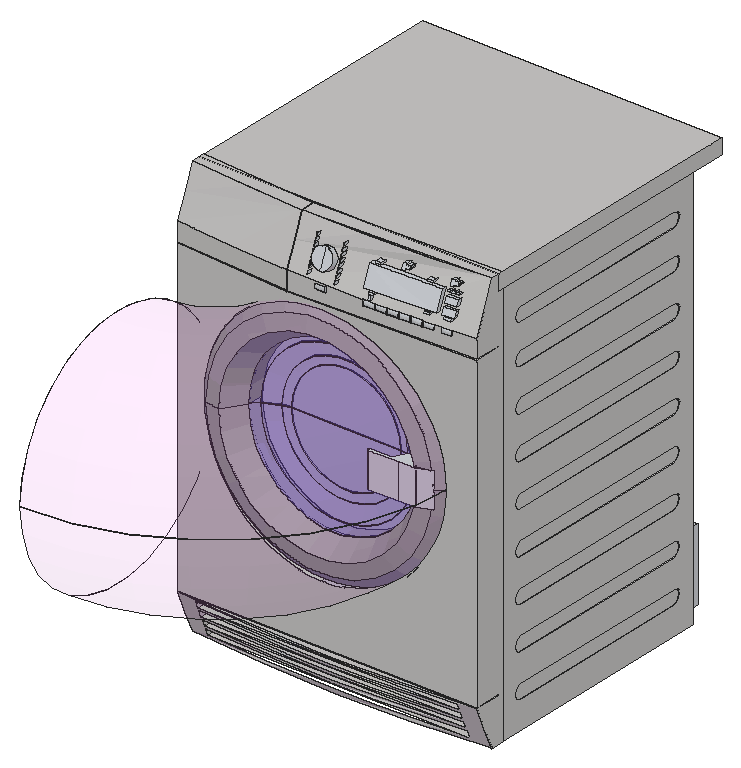
Revit family "TE1120", category Specialty Equipment, Revit 2014
Parameters
  Width = 596.5 mm
  Height = 850 mm
  Depth = 625 mm
Reference planes
  plane 1 "Center (Front/Back)": y = 0
  plane 2: z = 0
  plane 3 "Center (Left/Right)": x = 0
  plane 4 "LEFT": x = -298.25
  plane 5 "RIGHT": x = 298.25
  plane 6 "BACK": y = 312.5
  plane 7 "FRONT": y = -312.5
  plane 8 "voidPanel": through (0, -279.09, 846.678) normal (0, -0.9308, 0.3656)
Forms (mm)
  Extrusion 1, void
    sketch origin (0, 0, 0) x (1, 0, 0) y (0, 1, 0)
      loop
        line (298.25, -312.5) -> (348.25, -312.5) -> (348.25, -207.1) -> (298.25, -207.1) -> (298.25, -312.5)
    from 0 to 850
  Extrusion 2, void
    sketch origin (0, 0, 0) x (1, 0, 0) y (0, 1, 0)
      loop
        line (-298.25, -312.5) -> (-298.25, -207.1) -> (-348.25, -207.1) -> (-348.25, -312.5) -> (-298.25, -312.5)
    from 0 to 850
  Revolve 3, solid, material "QF_Finishes_Stainless Steel"
    sketch origin (0, 0, 0) x (0, 1, 0) y (0, 0, 1)
      loop
        line (-274.523, 850) -> (-312.5, 758.7) -> (-312.5, 96.5) -> (-275.82, 10.099) -> (-247.797, 10.099) -> (-247.797, 850) -> (-274.523, 850)
      axis (2690.37, 850) -> (2690.37, 10.099)
    angle from -6 to 6
  Extrusion 4, solid, material "QF_Finishes_Stainless Steel"
    sketch origin (0, 0, 0) x (1, 0, 0) y (0, 1, 0)
      loop
        line (-298.25, 242.203) -> (-298.25, -242.62) -> (298.25, -242.62) -> (298.25, 242.203) -> (-298.25, 242.203)
    from 10 to 820
  Extrusion 5, solid, material "QF_Finishes_Stainless Steel"
    sketch origin (0, 0, 820) x (-1, 0, 0) y (0, -1, 0)
      loop
        line (298.25, -312.5) -> (298.25, 242.62)
        arc (298.25, 242.62) -> (0, 256.083) -> (-298.25, 242.62) r 3310.343
        line (-298.25, 242.62) -> (-298.25, -312.5) -> (298.25, -312.5)
    from 0 to 30
  Extrusion 6, void
    sketch origin (0, -312.5, 0) x (0, 0, 1) y (-1, 0, 0)
      loop
        circle (470, 0) r 242.757
    from 0 to -500.517
  Revolve 7, solid, material "QF_Finishes_Gray"
    sketch origin (0, 0, 470) x (-1, 0, 0) y (0, -1, 0)
      loop
        line (245.674, 247.797) -> (245.674, 301.649) -> (226.774, 315.823) -> (196.73, 322.467) -> (170.5, 280.146) -> (170.5, 247.797) -> (245.674, 247.797)
      axis (0, 247.797) -> (0, 322.467)
    angle from 0 to 360
  Revolve 8, solid, material "Glass"
    sketch origin (0, 0, 470) x (-1, 0, 0) y (0, -1, 0)
      loop
        line (156.034, 267.121) -> (125.785, 252.816)
        arc (125.785, 252.816) -> (117.42, 250.476) -> (108.77, 249.687) r 47.824
        line (108.77, 249.687) -> (0, 249.687) -> (0, 247.687) -> (108.77, 247.687)
        arc (108.77, 247.687) -> (117.82, 248.516) -> (126.57, 250.975) r 49.824
        line (126.57, 250.975) -> (156.889, 265.313)
        arc (156.889, 265.313) -> (164.396, 270.082) -> (170.5, 276.551) r 35.892
        line (170.5, 276.551) -> (170.5, 280.146)
        arc (170.5, 280.146) -> (164.222, 272.572) -> (156.034, 267.121) r 33.892
      axis (0, 247.687) -> (0, 280.146)
    angle from 0 to 360
  Extrusion 9, void
    sketch origin (0, 0, 470) x (-1, 0, 0) y (0, -1, 0)
      loop
        line (288.25, -232.203) -> (288.25, 237.797) -> (-288.25, 237.797) -> (-288.25, -232.203) -> (288.25, -232.203)
    from -434.1 to 332.6
  Extrusion 10, solid
    sketch origin (0, 0, 852.516) x (-1, 0, 0) y (0, -1, 0)
      loop
        line (-148.308, 321.998) -> (-106.952, 321.998)
        arc (-106.952, 321.998) -> (-103.946, 325.004) -> (-106.952, 328.01) r 3.006
        line (-106.952, 328.01) -> (-166.755, 328.01)
        arc (-166.755, 328.01) -> (-197.368, 324.932) -> (-226.757, 315.823) r 153.806
        line (-226.757, 315.823) -> (-196.713, 322.467) -> (-170.483, 280.146) -> (-148.308, 321.998)
    from -417.516 to -347.516
  Extrusion 11, void
    sketch origin (0, 0, 0) x (0, 1, 0) y (0, 0, 1)
      loop
        line (-186.583, 738.954) -> (193.417, 738.954)
        arc (193.417, 738.954) -> (208.417, 753.954) -> (193.417, 768.954) r 15
        line (193.417, 768.954) -> (-186.583, 768.954)
        arc (-186.583, 768.954) -> (-201.583, 753.954) -> (-186.583, 738.954) r 15
      loop
        line (-186.583, 659.854) -> (193.417, 659.854)
        arc (193.417, 659.854) -> (208.417, 674.854) -> (193.417, 689.854) r 15
        line (193.417, 689.854) -> (-186.583, 689.854)
        arc (-186.583, 689.854) -> (-201.583, 674.854) -> (-186.583, 659.854) r 15
      loop
        arc (193.417, 574.854) -> (208.417, 589.854) -> (193.417, 604.854) r 15
        line (193.417, 604.854) -> (-186.583, 604.854)
        arc (-186.583, 604.854) -> (-201.583, 589.854) -> (-186.583, 574.854) r 15
        line (-186.583, 574.854) -> (193.417, 574.854)
      loop
        arc (-186.583, 519.854) -> (-201.583, 504.854) -> (-186.583, 489.854) r 15
        line (-186.583, 489.854) -> (193.417, 489.854)
        arc (193.417, 489.854) -> (208.417, 504.854) -> (193.417, 519.854) r 15
        line (193.417, 519.854) -> (-186.583, 519.854)
      loop
        arc (-186.583, 434.854) -> (-201.583, 419.854) -> (-186.583, 404.854) r 15
        line (-186.583, 404.854) -> (193.417, 404.854)
        arc (193.417, 404.854) -> (208.417, 419.854) -> (193.417, 434.854) r 15
        line (193.417, 434.854) -> (-186.583, 434.854)
      loop
        line (-186.583, 319.854) -> (193.417, 319.854)
        arc (193.417, 319.854) -> (208.417, 334.854) -> (193.417, 349.854) r 15
        line (193.417, 349.854) -> (-186.583, 349.854)
        arc (-186.583, 349.854) -> (-201.583, 334.854) -> (-186.583, 319.854) r 15
      loop
        arc (-186.583, 264.854) -> (-201.583, 249.854) -> (-186.583, 234.854) r 15
        line (-186.583, 234.854) -> (193.417, 234.854)
        arc (193.417, 234.854) -> (208.417, 249.854) -> (193.417, 264.854) r 15
        line (193.417, 264.854) -> (-186.583, 264.854)
      loop
        arc (-186.583, 179.854) -> (-201.583, 164.854) -> (-186.583, 149.854) r 15
        line (-186.583, 149.854) -> (193.417, 149.854)
        arc (193.417, 149.854) -> (208.417, 164.854) -> (193.417, 179.854) r 15
        line (193.417, 179.854) -> (-186.583, 179.854)
      loop
        arc (-186.583, 94.854) -> (-201.583, 79.854) -> (-186.583, 64.854) r 15
        line (-186.583, 64.854) -> (193.417, 64.854)
        arc (193.417, 64.854) -> (208.417, 79.854) -> (193.417, 94.854) r 15
        line (193.417, 94.854) -> (-186.583, 94.854)
    from 295 to 298.25
  Extrusion 12, void
    sketch origin (-298.25, 0, 0) x (0, 0, 1) y (0, -1, 0)
      loop
        line (768.954, -193.417) -> (768.954, 186.583)
        arc (768.954, 186.583) -> (753.954, 201.583) -> (738.954, 186.583) r 15
        line (738.954, 186.583) -> (738.954, -193.417)
        arc (738.954, -193.417) -> (753.954, -208.417) -> (768.954, -193.417) r 15
      loop
        arc (659.854, -193.417) -> (674.854, -208.417) -> (689.854, -193.417) r 15
        line (689.854, -193.417) -> (689.854, 186.583)
        arc (689.854, 186.583) -> (674.854, 201.583) -> (659.854, 186.583) r 15
        line (659.854, 186.583) -> (659.854, -193.417)
      loop
        line (604.854, -193.417) -> (604.854, 186.583)
        arc (604.854, 186.583) -> (589.854, 201.583) -> (574.854, 186.583) r 15
        line (574.854, 186.583) -> (574.854, -193.417)
        arc (574.854, -193.417) -> (589.854, -208.417) -> (604.854, -193.417) r 15
      loop
        arc (489.854, -193.417) -> (504.854, -208.417) -> (519.854, -193.417) r 15
        line (519.854, -193.417) -> (519.854, 186.583)
        arc (519.854, 186.583) -> (504.854, 201.583) -> (489.854, 186.583) r 15
        line (489.854, 186.583) -> (489.854, -193.417)
      loop
        line (404.854, 186.583) -> (404.854, -193.417)
        arc (404.854, -193.417) -> (419.854, -208.417) -> (434.854, -193.417) r 15
        line (434.854, -193.417) -> (434.854, 186.583)
        arc (434.854, 186.583) -> (419.854, 201.583) -> (404.854, 186.583) r 15
      loop
        arc (319.854, -193.417) -> (334.854, -208.417) -> (349.854, -193.417) r 15
        line (349.854, -193.417) -> (349.854, 186.583)
        arc (349.854, 186.583) -> (334.854, 201.583) -> (319.854, 186.583) r 15
        line (319.854, 186.583) -> (319.854, -193.417)
      loop
        arc (264.854, 186.583) -> (249.854, 201.583) -> (234.854, 186.583) r 15
        line (234.854, 186.583) -> (234.854, -193.417)
        arc (234.854, -193.417) -> (249.854, -208.417) -> (264.854, -193.417) r 15
        line (264.854, -193.417) -> (264.854, 186.583)
      loop
        arc (149.854, -193.417) -> (164.854, -208.417) -> (179.854, -193.417) r 15
        line (179.854, -193.417) -> (179.854, 186.583)
        arc (179.854, 186.583) -> (164.854, 201.583) -> (149.854, 186.583) r 15
        line (149.854, 186.583) -> (149.854, -193.417)
      loop
        line (94.854, -193.417) -> (94.854, 186.583)
        arc (94.854, 186.583) -> (79.854, 201.583) -> (64.854, 186.583) r 15
        line (64.854, 186.583) -> (64.854, -193.417)
        arc (64.854, -193.417) -> (79.854, -208.417) -> (94.854, -193.417) r 15
    from 0 to 3.25
  Extrusion 13, solid
    sketch origin (0, 0, 0) x (1, 0, 0) y (0, 1, 0)
      loop
        circle (-263.25, 215.1) r 20
    from 2.599 to 10
  Extrusion 14, solid
    sketch origin (0, 0, 0) x (1, 0, 0) y (0, 1, 0)
      loop
        circle (-263.25, 215.1) r 11
    from 0 to 3
  Extrusion 15, solid
    sketch origin (0, 0, 0) x (1, 0, 0) y (0, 1, 0)
      loop
        circle (263.25, 215.1) r 20
    from 3 to 10
  Extrusion 16, solid
    sketch origin (0, 0, 0) x (1, 0, 0) y (0, 1, 0)
      loop
        circle (263.25, 215.1) r 11
    from 0 to 3
  Extrusion 17, solid
    sketch origin (0, 0, 0) x (1, 0, 0) y (0, 1, 0)
      loop
        circle (-263.25, -211.3) r 20
    from 3 to 10
  Extrusion 18, solid
    sketch origin (0, 0, 0) x (1, 0, 0) y (0, 1, 0)
      loop
        circle (-263.25, -211.3) r 11
    from 0 to 3
  Extrusion 19, solid
    sketch origin (0, 0, 0) x (1, 0, 0) y (0, 1, 0)
      loop
        circle (263.25, -211.3) r 20
    from 3 to 10
  Extrusion 20, solid
    sketch origin (0, 0, 0) x (1, 0, 0) y (0, 1, 0)
      loop
        circle (263.25, -211.3) r 11
    from 0 to 3
  Extrusion 21, solid
    sketch origin (66, 242.203, -35.6) x (0, 0, 1) y (1, 0, 0)
      loop
        circle (770.6, 175.06) r 5
    from 0 to 10
  Revolve 22, solid
    sketch origin (0, 0, 0) x (0, 1, 0) y (0, 0, 1)
      loop
        line (-291.663, 811.912) -> (-293.12, 812.457) -> (-291.348, 817.196) -> (-301.951, 821.16) -> (-309.078, 802.099) -> (-297.096, 797.379) -> (-291.663, 811.912)
      axis (-309.408, 802.229) -> (-297.096, 797.379)
    angle from 0 to 360
  Revolve 23, void
    sketch origin (-230.316, 19.843, 0) x (-0.085839, -0.996309, 0) y (0, 0, 1)
      loop
        arc (300.921, 759.87) -> (305.932, 740.04) -> (319.761, 724.969) r 41.748
        line (319.761, 724.969) -> (319.761, 759.87) -> (300.921, 759.87)
      axis (-2683.13, 759.87) -> (-2683.13, 724.969)
    angle from 0 to 2.65
  Extrusion 24, void
    sketch origin (0, -312.5, 0) x (0, 0, 1) y (-1, 0, 0)
      loop
        line (756.024, 11.1) -> (744.024, 11.1) -> (744.024, -11.9) -> (756.024, -11.9) -> (756.024, 11.1)
    from -2 to 2
  Extrusion 25, void
    sketch origin (0, -312.5, 0) x (0, 0, 1) y (-1, 0, 0)
      loop
        line (747.324, -82.491) -> (747.324, -105.291) -> (759.324, -105.291) -> (759.324, -82.491) -> (747.324, -82.491)
    from -4.2 to 3
  Extrusion 26, void
    sketch origin (0, -312.5, 0) x (0, 0, 1) y (-1, 0, 0)
      loop
        line (747.324, -105.691) -> (747.324, -128.291) -> (759.324, -128.291) -> (759.324, -105.691) -> (747.324, -105.691)
    from -5 to 3
  Extrusion 27, void
    sketch origin (0, -312.5, 0) x (0, 0, 1) y (-1, 0, 0)
      loop
        line (747.324, -128.691) -> (747.324, -151.291) -> (759.324, -151.291) -> (759.324, -128.691) -> (747.324, -128.691)
    from -6 to 3
  Extrusion 28, void
    sketch origin (0, -312.5, 0) x (0, 0, 1) y (-1, 0, 0)
      loop
        line (747.324, -151.691) -> (747.324, -174.291) -> (759.324, -174.291) -> (759.324, -151.691) -> (747.324, -151.691)
    from -7 to 3
  Extrusion 29, void
    sketch origin (0, -312.5, 0) x (0, 0, 1) y (-1, 0, 0)
      loop
        line (759.324, -174.691) -> (747.324, -174.691) -> (747.324, -197.291) -> (759.324, -197.291) -> (759.324, -174.691)
    from -8 to 3
  Extrusion 30, void
    sketch origin (0, -312.5, 0) x (0, 0, 1) y (-1, 0, 0)
      loop
        line (759.324, -197.691) -> (747.324, -197.691) -> (747.324, -220.291) -> (759.324, -220.291) -> (759.324, -197.691)
    from -10 to 3
  Extrusion 31, void
    sketch origin (0, -312.5, 0) x (0, 0, 1) y (-1, 0, 0)
      loop
        line (759.324, -231.191) -> (747.324, -231.191) -> (747.324, -253.791) -> (759.324, -253.791) -> (759.324, -231.191)
    from -12 to 3
  Revolve 32, solid
    sketch origin (0, 0, 3.3) x (0, 1, 0) y (0, 0, 1)
      loop
        arc (-313.722, 755.444) -> (-316.107, 750.198) -> (-315.269, 744.497) r 10.199
        line (-315.269, 744.497) -> (-311.5, 744.497) -> (-311.5, 755.444) -> (-313.722, 755.444)
      axis (2690.37, 755.444) -> (2690.37, 744.497)
    angle from -0.2 to 0.2
  Revolve 33, solid
    sketch origin (225.331, 18.987, 3.3) x (-0.083967, 0.996469, 0) y (0, 0, 1)
      loop
        line (-322.415, 744.497) -> (-318.664, 744.497) -> (-318.664, 755.444) -> (-320.867, 755.444)
        arc (-320.867, 755.444) -> (-323.262, 750.2) -> (-322.415, 744.497) r 10.15
      axis (2683.559, 755.444) -> (2683.559, 744.497)
    angle from 0.39 to 0
  Revolve 34, solid
    sketch origin (175.309, 11.964, 2.773) x (-0.065247, 0.997869, 0) y (0, 0, 1)
      loop
        arc (-316.803, 755.966) -> (-319.198, 750.722) -> (-318.35, 745.019) r 10.15
        line (-318.35, 745.019) -> (-314.581, 745.019) -> (-314.581, 755.966) -> (-316.803, 755.966)
      axis (2687.331, 755.966) -> (2687.331, 745.019)
    angle from 0 to 0.39
  Revolve 35, solid
    sketch origin (154.929, 8.943, 3.3) x (0.057625, -0.998338, 0) y (0, 0, 1)
      loop
        line (314.383, 755.444) -> (312.161, 755.444) -> (312.161, 744.497) -> (315.93, 744.497)
        arc (315.93, 744.497) -> (316.778, 750.2) -> (314.383, 755.444) r 10.15
      axis (-2688.595, 755.444) -> (-2688.595, 744.497)
    angle from 0 to -0.39
  Revolve 36, solid
    sketch origin (114.028, 4.837, 3.3) x (-0.042379, 0.999102, 0) y (0, 0, 1)
      loop
        arc (-312.044, 755.444) -> (-314.439, 750.2) -> (-313.591, 744.497) r 10.15
        line (-313.591, 744.497) -> (-309.822, 744.497) -> (-309.822, 755.444) -> (-312.044, 755.444)
      axis (2690.65, 755.444) -> (2690.65, 744.497)
    angle from 0 to 0.39
  Revolve 37, solid
    sketch origin (93.547, 3.253, 3.3) x (0.034757, -0.999396, 0) y (0, 0, 1)
      loop
        line (310.993, 755.444) -> (308.772, 755.444) -> (308.772, 744.497) -> (312.541, 744.497)
        arc (312.541, 744.497) -> (313.388, 750.2) -> (310.993, 755.444) r 10.15
      axis (-2691.442, 755.444) -> (-2691.442, 744.497)
    angle from 0 to -0.39
  Revolve 38, solid
    sketch origin (195.713, 14.299, 3.236) x (-0.072866, 0.997342, 0) y (0, 0, 1)
      loop
        line (-314.873, 744.555) -> (-314.873, 755.526) -> (-317.167, 755.526)
        arc (-317.167, 755.526) -> (-319.568, 750.27) -> (-318.708, 744.555) r 10.141
        line (-318.708, 744.555) -> (-314.873, 744.555)
      axis (2685.911, 755.526) -> (2685.911, 744.555)
    angle from 0 to 0.39
  Revolve 39, solid
    sketch origin (134.491, 6.733, 3.3) x (-0.050002, 0.998749, 0) y (0, 0, 1)
      loop
        line (-314.545, 744.497) -> (-310.794, 744.497) -> (-310.794, 755.444) -> (-312.997, 755.444)
        arc (-312.997, 755.444) -> (-315.392, 750.2) -> (-314.545, 744.497) r 10.15
      axis (2689.701, 755.444) -> (2689.701, 744.497)
    angle from 0 to 0.39
  Extrusion 40, void
    sketch origin (-298.25, 0, 0) x (0, 0, 1) y (0, -1, 0)
      loop
        line (850, 243.476) -> (850, 327.13) -> (718.7, 327.13) -> (718.7, 243.476) -> (850, 243.476)
    from 229 to 231.5
  Extrusion 41, void
    sketch origin (298.25, 0, 0) x (0, 0, 1) y (0, -1, 0)
      loop
        line (722, 242.62) -> (722, 333.453) -> (719.5, 333.453) -> (719.5, 242.62) -> (722, 242.62)
    from -600 to 3
  Extrusion 42, void
    sketch origin (298.25, 0, 0) x (0, 0, 1) y (0, -1, 0)
      loop
        line (96.5, 322.797) -> (96.5, 242.62) -> (99, 242.62) -> (99, 322.797) -> (96.5, 322.797)
    from -600 to 3
  Extrusion 43, solid
    sketch origin (0, -312.5, 0) x (0, 0, 1) y (-1, 0, 0)
      loop
        line (830.108, -26.248) -> (825.608, -26.248) -> (825.608, -27.748) -> (830.108, -27.748) -> (830.108, -26.248)
      loop
        line (821.758, -26.248) -> (817.258, -26.248) -> (817.258, -27.748) -> (821.758, -27.748) -> (821.758, -26.248)
      loop
        line (813.408, -26.248) -> (808.908, -26.248) -> (808.908, -27.748) -> (813.408, -27.748) -> (813.408, -26.248)
      loop
        line (805.058, -26.248) -> (800.558, -26.248) -> (800.558, -27.748) -> (805.058, -27.748) -> (805.058, -26.248)
      loop
        line (792.208, -26.248) -> (792.208, -27.748) -> (796.7, -27.748) -> (796.7, -26.248) -> (792.208, -26.248)
      loop
        line (783.858, -26.248) -> (783.858, -27.748) -> (788.358, -27.748) -> (788.358, -26.248) -> (783.858, -26.248)
      loop
        line (775.508, -26.248) -> (775.508, -27.748) -> (780.008, -27.748) -> (780.008, -26.248) -> (775.508, -26.248)
      loop
        line (767.158, -26.248) -> (767.158, -27.748) -> (771.658, -27.748) -> (771.658, -26.248) -> (767.158, -26.248)
      loop
        line (825.608, 27.752) -> (825.608, 26.252) -> (830.108, 26.252) -> (830.108, 27.752) -> (825.608, 27.752)
      loop
        line (817.258, 27.752) -> (817.258, 26.252) -> (821.758, 26.252) -> (821.758, 27.752) -> (817.258, 27.752)
      loop
        line (808.908, 27.752) -> (808.908, 26.252) -> (813.408, 26.252) -> (813.408, 27.752) -> (808.908, 27.752)
      loop
        line (800.558, 27.752) -> (800.558, 26.252) -> (805.058, 26.252) -> (805.058, 27.752) -> (800.558, 27.752)
      loop
        line (792.208, 27.752) -> (792.208, 26.252) -> (796.7, 26.252) -> (796.7, 27.752) -> (792.208, 27.752)
      loop
        line (783.858, 27.752) -> (783.858, 26.252) -> (788.358, 26.252) -> (788.358, 27.752) -> (783.858, 27.752)
      loop
        line (775.508, 27.752) -> (775.508, 26.252) -> (780.008, 26.252) -> (780.008, 27.752) -> (775.508, 27.752)
      loop
        line (767.158, 27.752) -> (767.158, 26.252) -> (771.658, 26.252) -> (771.658, 27.752) -> (767.158, 27.752)
      loop
        line (819.143, -91.989) -> (819.143, -101.989) -> (822.143, -101.989) -> (822.143, -91.989) -> (819.143, -91.989)
      loop
        line (772.15, -91.989) -> (772.15, -101.989) -> (775.15, -101.989) -> (775.15, -91.989) -> (772.15, -91.989)
      loop
        line (762.775, -93.928) -> (762.775, -97.928) -> (769.475, -97.928) -> (769.475, -93.928) -> (762.775, -93.928)
      loop
        line (819.143, -191.861) -> (819.143, -201.861) -> (822.143, -201.861) -> (822.143, -191.861) -> (819.143, -191.861)
      loop
        line (772.15, -198.861) -> (772.15, -208.861) -> (775.15, -208.861) -> (775.15, -198.861) -> (772.15, -198.861)
      loop
        line (814.446, -230.991) -> (814.446, -237.491) -> (816.946, -237.491) -> (816.946, -230.991) -> (814.446, -230.991)
      loop
        line (816.946, -239.241) -> (814.446, -239.241) -> (814.446, -245.741) -> (816.946, -245.741) -> (816.946, -239.241)
      loop
        line (816.946, -247.491) -> (814.446, -247.491) -> (814.446, -253.991) -> (816.946, -253.991) -> (816.946, -247.491)
      loop
        line (808.046, -230.991) -> (796.046, -230.991) -> (796.046, -253.991) -> (808.046, -253.991) -> (808.046, -230.991)
      loop
        line (791.046, -230.991) -> (779.046, -230.991) -> (779.046, -253.991) -> (791.046, -253.991) -> (791.046, -230.991)
      loop
        line (773.046, -235.991) -> (773.046, -248.991) -> (776.546, -248.991) -> (776.546, -235.991) -> (773.046, -235.991)
      loop
        line (815.845, -81.665) -> (778.345, -81.665) -> (778.345, -221.665) -> (815.845, -221.665) -> (815.845, -81.665)
      loop
        line (823.434, -141.668) -> (823.434, -148.168) -> (825.186, -148.168)
        arc (825.186, -148.168) -> (825.862, -148.43) -> (826.186, -149.079) r 1.004
        line (826.186, -149.079) -> (826.761, -155.285)
        arc (826.761, -155.285) -> (827.085, -155.934) -> (827.761, -156.196) r 1.004
        line (827.761, -156.196) -> (830.526, -156.196)
        arc (830.526, -156.196) -> (831.202, -155.934) -> (831.526, -155.285) r 1.004
        line (831.526, -155.285) -> (832.101, -149.079)
        arc (832.101, -149.079) -> (832.559, -148.326) -> (833.434, -148.224) r 1.004
        line (833.434, -148.224) -> (833.434, -141.668) -> (823.434, -141.668)
      loop
        line (823.434, -233.563) -> (823.434, -240.063) -> (825.186, -240.063)
        arc (825.186, -240.063) -> (825.862, -240.325) -> (826.186, -240.974) r 1.004
        line (826.186, -240.974) -> (826.761, -247.18)
        arc (826.761, -247.18) -> (827.085, -247.829) -> (827.761, -248.091) r 1.004
        line (827.761, -248.091) -> (830.526, -248.091)
        arc (830.526, -248.091) -> (831.202, -247.829) -> (831.526, -247.18) r 1.004
        line (831.526, -247.18) -> (832.101, -240.974)
        arc (832.101, -240.974) -> (832.559, -240.222) -> (833.434, -240.12) r 1.004
        line (833.434, -240.12) -> (833.434, -233.563) -> (823.434, -233.563)
    from -45.246 to 6
  Revolve 44, void
    sketch origin (0, 0, 0) x (0, 1, 0) y (0, 0, 1)
      loop
        line (-316.301, 758.952) -> (-278.984, 853.952) -> (-329.707, 853.952) -> (-329.707, 758.952) -> (-316.301, 758.952)
      axis (2690.37, 853.952) -> (2690.37, 758.952)
    angle from 1 to -6
  Revolve 45, void
    sketch origin (0, 0, 0) x (0, 1, 0) y (0, 0, 1)
      loop
        line (-273.427, 839.015) -> (-303.994, 761.2) -> (-262.303, 761.2) -> (-262.303, 839.015) -> (-273.427, 839.015)
      axis (2690.37, 839.015) -> (2690.37, 761.2)
    angle from 1 to -5
  Revolve 46, solid, material "QF_Door-Drawer Clearances"
    sketch origin (0, -271.25, 0) x (-1, 0, 0) y (0, 0, 1)
      loop
        circle (-1.368, 470) r 244.125
      axis (242.774, 470) -> (242.774, 469)
    angle from 0 to 90
  Extrusion 47, void
    sketch origin (0, -312.5, 0) x (0, 0, 1) y (-1, 0, 0)
      loop
        line (94, 260.75) -> (80, 260.75) -> (80, -261.25) -> (94, -261.25) -> (94, 260.75)
      loop
        line (74, 260.75) -> (60, 260.75) -> (60, -261.25) -> (74, -261.25) -> (74, 260.75)
      loop
        line (54, 260.75) -> (40, 260.75) -> (40, -261.25) -> (54, -261.25) -> (54, 260.75)
      loop
        line (34, 260.75) -> (20, 260.75) -> (20, -261.25) -> (34, -261.25) -> (34, 260.75)
    from -91.438 to 3
  Extrusion 48, solid
    sketch origin (0, 242.203, 0) x (0, 0, 1) y (1, 0, 0)
      loop
        line (278.63, -252.495) -> (389.816, -207.414) -> (460.2, -240.618)
        arc (460.2, -240.618) -> (584.111, -257.767) -> (695.694, -201.223) r 209.429
        arc (695.694, -201.223) -> (784.615, -65.119) -> (777.879, 97.319) r 266.4
        arc (777.879, 97.319) -> (678.38, 225.893) -> (522.686, 272.699) r 266.4
        arc (522.686, 272.699) -> (400.917, 244.057) -> (317.197, 151.111) r 209.429
        line (317.197, 151.111) -> (284.759, 80.371) -> (165.518, 32.025) -> (47.549, 32.025) -> (47.549, -15.806) -> (10, -15.806) -> (10, -252.495) -> (278.63, -252.495)
    from 0 to 15
  Blend 49, solid
    base sketch origin (0, 242.203, 0) x (0, 0, 1) y (1, 0, 0)
      loop
        line (289.712, 68.155) -> (174.986, 21.639) -> (10, 21.639) -> (10, -235.481) -> (278.63, -235.481) -> (384.922, -192.385) -> (501.616, -199.666)
        arc (501.616, -199.666) -> (704.606, 72.534) -> (373.752, 148.911) r 202.765
        line (373.752, 148.911) -> (289.712, 68.155)
    top sketch origin (0, 242.203, 0) x (0, 0, 1) y (1, 0, 0)
      loop
        line (425.069, 116.303) -> (307.228, 24.954) -> (208.47, -15.088) -> (10, -15.088) -> (10, -202.083) -> (165.518, -202.083) -> (278.63, -188.128) -> (371.298, -150.555) -> (518.478, -141.65)
        arc (518.478, -141.65) -> (650.033, 51.877) -> (425.069, 116.303) r 144.418
    from 15 to 55
  Extrusion 50, solid
    sketch origin (0, 242.203, 0) x (0, 0, 1) y (1, 0, 0)
      loop
        line (10, 263.25) -> (10, 21.639) -> (47.549, 21.639) -> (47.549, 129.16) -> (133.248, 129.16) -> (154.843, 248.035) -> (154.843, 263.25) -> (10, 263.25)
    from 0 to 55
  Extrusion 51, solid
    sketch origin (0, 242.203, 0) x (0, 0, 1) y (1, 0, 0)
      loop
        circle (688, -254.25) r 6.35
    from 0 to 3
  Extrusion 52, solid
    sketch origin (0, 242.203, 0) x (0, 0, 1) y (1, 0, 0)
      loop
        circle (779, -209.25) r 6.35
    from 0 to 3
  Extrusion 53, void
    sketch origin (0, 312.5, 0) x (0, 0, 1) y (-1, 0, 0)
      loop
        line (10, 15.088) -> (45, 15.088) -> (45, 55.088) -> (10, 55.088) -> (10, 15.088)
    from 15.297 to 35.3
  Extrusion 54, solid
    sketch origin (-2.359, 312.5, -1) x (0, 0, 1) y (-1, 0, 0)
      loop
        circle (28.5, 33.088) r 12.7
    from 15.3 to 35.3
Cuts and joins
  Extrusion 9, Extrusion 11, Extrusion 12, Revolve 23, Extrusion 41, Extrusion 42 cuts Extrusion 4
  Extrusion 1, Extrusion 2, Extrusion 6, Revolve 23, Extrusion 24, Extrusion 25, Extrusion 26, Extrusion 27, Extrusion 28, Extrusion 29, Extrusion 30, Extrusion 31, Extrusion 40, Extrusion 41, Extrusion 42, Revolve 45, Extrusion 47 cuts Revolve 3
  Revolve 44, Revolve 45 cuts Extrusion 43
  Extrusion 53 cuts Blend 49
Lines and regions (mm)
  model lines
    curve 1: line (253.366, -313.716, 0) -> (253.669, -317.455, 0)
  symbolic lines, style "QF_Door-Drawer Clearances"
    curve 2: line (-242.774, -758.898, 744.475) -> (-242.774, -271.25, 744.475)
    curve 3: line (-242.774, -759.517, 744.475) -> (-239.774, -759.517, 744.475)
    curve 4: arc (-242.774, -759.517, 744.475) -> (91.088, -627.537, 744.475) -> (244.463, -302.947, 744.475) r 488.267
Dimensions and locks
  equal spacing: plane 5 "RIGHT", plane 3 "Center (Left/Right)", plane 4 "LEFT"
  "Width": plane 5 "RIGHT" to plane 4 "LEFT"
  equal spacing: plane 7 "FRONT", plane 1 "Center (Front/Back)", plane 6 "BACK"
  "Depth": plane 7 "FRONT" to plane 6 "BACK"
  plane 7 "FRONT" to plane 6 "BACK" = 625 mm
  curve 3 to plane 6 "BACK" = 1072.017 mm
  cut or joined group 1 (Extrusion 1, Extrusion 2, Revolve 3, Extrusion 6, Revolve 23, Extrusion 24, Extrusion 25, Extrusion 26, Extrusion 27, Extrusion 28, Extrusion 29, Extrusion 30, Extrusion 31, Extrusion 40, Extrusion 41, Extrusion 42, Revolve 45, Extrusion 47) to cut or joined group 1 = 128 mm
  cut or joined group 1 to cut or joined group 1 = 711.901 mm
  cut or joined group 1 to level = 850 mm
  aligned and locked: level to plane 2
Automatic sketch dimensions
  Extrusion 1 sketch curve to plane 5 "RIGHT" = 0 mm
  plane 7 "FRONT" to Extrusion 1 sketch curve = 0 mm
  Extrusion 1 sketch curve to Extrusion 1 sketch curve = 50 mm
  plane 7 "FRONT" to Extrusion 2 sketch curve = 0 mm
  Extrusion 2 sketch curve to plane 4 "LEFT" = 0 mm
  Extrusion 2 sketch curve to Extrusion 2 sketch curve = 50 mm
  Extrusion 4 sketch curve to plane 4 "LEFT" = 0 mm
  Extrusion 4 sketch curve to plane 5 "RIGHT" = 0 mm
  Extrusion 6 sketch curve to plane 3 "Center (Left/Right)" = 0 mm
  Revolve 7 sketch curve to plane 3 "Center (Left/Right)" = 0 mm
  plane 7 "FRONT" to Revolve 7 sketch curve = 3.323 mm
  Revolve 7 sketch curve to Revolve 7 sketch curve = 32.349 mm
  Revolve 7 sketch curve to plane 7 "FRONT" = 10.851 mm
  plane 7 "FRONT" to Revolve 7 sketch curve = 9.967 mm
  Revolve 7 sketch curve to plane 6 "BACK" = 1134.072 mm
  plane 7 "FRONT" to Revolve 7 sketch curve = 1124.917 mm
  Revolve 8 sketch curve to Revolve 8 sketch curve = 0 mm  (x5)
  Revolve 8 sketch curve to plane 3 "Center (Left/Right)" = 0 mm  (x2)
  Revolve 8 sketch curve to Revolve 8 sketch curve = 0.785 mm
  Revolve 8 sketch curve to Revolve 8 sketch curve = 0.855 mm
  Revolve 8 sketch curve to Revolve 8 sketch curve = 14.466 mm
  Revolve 8 sketch curve to Revolve 8 sketch curve = 1.288 mm
  Revolve 8 sketch curve to Revolve 8 sketch curve = 1.808 mm
  Revolve 8 sketch curve to Revolve 8 sketch curve = 9.43 mm
  Revolve 8 sketch curve to plane 6 "BACK" = 1134.072 mm
  plane 7 "FRONT" to Revolve 8 sketch curve = 1124.917 mm
  plane 7 "FRONT" to Extrusion 10 sketch curve = 3.323 mm
  plane 7 "FRONT" to Extrusion 10 sketch curve = 9.967 mm
  plane 7 "FRONT" to Extrusion 10 sketch curve = 9.498 mm
  Extrusion 10 sketch curve to Extrusion 10 sketch curve = 18.446 mm
  Extrusion 10 sketch curve to Extrusion 10 sketch curve = 41.357 mm
  Extrusion 11 sketch curve to Extrusion 11 sketch curve = 15 mm  (x9)
  Extrusion 11 sketch curve to Extrusion 11 sketch curve = 55 mm  (x7)
  Extrusion 12 sketch curve to Extrusion 12 sketch curve = 55 mm  (x7)
  Extrusion 12 sketch curve to Extrusion 12 sketch curve = 15 mm  (x9)
  Revolve 22 sketch curve to plane 7 "FRONT" = 3.422 mm
  Revolve 22 sketch curve to plane 7 "FRONT" = 10.549 mm
  Revolve 22 sketch curve to Revolve 22 sketch curve = 11.981 mm
  Revolve 22 sketch curve to Revolve 22 sketch curve = 8.831 mm
  Revolve 22 sketch curve to Revolve 22 sketch curve = 1.772 mm
  Revolve 22 sketch curve to Revolve 22 sketch curve = 0 mm  (x4)
  Revolve 23 sketch curve to Revolve 23 sketch curve = 18.839 mm
  Revolve 23 sketch curve to Revolve 23 sketch curve = 22.908 mm
  Revolve 23 sketch curve to Revolve 23 sketch curve = 2984.051 mm
  plane 3 "Center (Left/Right)" to Extrusion 24 sketch curve = 11.9 mm
  Extrusion 24 sketch curve to plane 3 "Center (Left/Right)" = 11.1 mm
  Extrusion 25 sketch curve to Extrusion 25 sketch curve = 22.8 mm
  Extrusion 26 sketch curve to Extrusion 26 sketch curve = 22.6 mm
  Extrusion 27 sketch curve to Extrusion 27 sketch curve = 22.6 mm
  Extrusion 28 sketch curve to Extrusion 28 sketch curve = 22.6 mm
  Extrusion 30 sketch curve to Extrusion 30 sketch curve = 22.6 mm
  Revolve 32 sketch curve to plane 7 "FRONT" = 6.491 mm
  Revolve 32 sketch curve to plane 7 "FRONT" = 1 mm
  plane 7 "FRONT" to Revolve 32 sketch curve = 1.222 mm
  plane 7 "FRONT" to Revolve 32 sketch curve = 2.769 mm
  Revolve 33 sketch curve to Revolve 33 sketch curve = 1.547 mm
  Revolve 33 sketch curve to Revolve 33 sketch curve = 2.203 mm
  Revolve 33 sketch curve to Revolve 33 sketch curve = 2996.771 mm
  Revolve 34 sketch curve to Revolve 34 sketch curve = 1.547 mm
  Revolve 34 sketch curve to Revolve 34 sketch curve = 3.769 mm
  Revolve 34 sketch curve to Revolve 34 sketch curve = 2996.479 mm
  Revolve 35 sketch curve to Revolve 35 sketch curve = 5.433 mm
  Revolve 35 sketch curve to Revolve 35 sketch curve = 2.222 mm
  Revolve 35 sketch curve to Revolve 35 sketch curve = 3.769 mm
  Revolve 35 sketch curve to Revolve 35 sketch curve = 2995.322 mm
  Revolve 36 sketch curve to Revolve 36 sketch curve = 1.548 mm
  Revolve 36 sketch curve to Revolve 36 sketch curve = 3.769 mm
  Revolve 36 sketch curve to Revolve 36 sketch curve = 2995.039 mm
  Revolve 37 sketch curve to Revolve 37 sketch curve = 5.433 mm
  Revolve 37 sketch curve to Revolve 37 sketch curve = 2.222 mm
  Revolve 37 sketch curve to Revolve 37 sketch curve = 3.769 mm
  Revolve 37 sketch curve to Revolve 37 sketch curve = 2994.781 mm
  Revolve 38 sketch curve to Revolve 38 sketch curve = 1.541 mm
  Revolve 38 sketch curve to Revolve 38 sketch curve = 3.835 mm
  Revolve 38 sketch curve to Revolve 38 sketch curve = 2995.436 mm
  Revolve 39 sketch curve to Revolve 39 sketch curve = 1.547 mm
  Revolve 39 sketch curve to Revolve 39 sketch curve = 2.203 mm
  Revolve 39 sketch curve to Revolve 39 sketch curve = 2995.043 mm
  plane 7 "FRONT" to Extrusion 40 sketch curve = 14.63 mm
  Extrusion 41 sketch curve to Extrusion 41 sketch curve = 2.5 mm
  plane 7 "FRONT" to Extrusion 41 sketch curve = 20.953 mm
  Extrusion 42 sketch curve to Extrusion 42 sketch curve = 2.5 mm
  plane 7 "FRONT" to Extrusion 42 sketch curve = 10.297 mm
  Extrusion 43 sketch curve to Extrusion 43 sketch curve = 5 mm  (x3)
  Extrusion 43 sketch curve to Extrusion 43 sketch curve = 3.85 mm  (x12)
  Extrusion 43 sketch curve to Extrusion 43 sketch curve = 4.5 mm  (x14)
  Extrusion 43 sketch curve to Extrusion 43 sketch curve = 2.5 mm  (x4)
  Extrusion 43 sketch curve to Extrusion 43 sketch curve = 6.7 mm
  Extrusion 43 sketch curve to Extrusion 43 sketch curve = 3.858 mm  (x2)
  Extrusion 43 sketch curve to Extrusion 43 sketch curve = 0 mm  (x17)
  Extrusion 43 sketch curve to Extrusion 43 sketch curve = 3 mm  (x4)
  Extrusion 43 sketch curve to Extrusion 43 sketch curve = 1.752 mm  (x2)
  Extrusion 43 sketch curve to Extrusion 43 sketch curve = 1 mm  (x8)
  Extrusion 43 sketch curve to Extrusion 43 sketch curve = 0.576 mm  (x2)
  Extrusion 43 sketch curve to Extrusion 43 sketch curve = 2.765 mm  (x2)
  Extrusion 43 sketch curve to Extrusion 43 sketch curve = 5.916 mm  (x2)
  Extrusion 43 sketch curve to Extrusion 43 sketch curve = 0.333 mm  (x2)
  Extrusion 43 sketch curve to Extrusion 43 sketch curve = 0.911 mm  (x4)
  Extrusion 43 sketch curve to Extrusion 43 sketch curve = 6.5 mm  (x3)
  Extrusion 43 sketch curve to Extrusion 43 sketch curve = 1.75 mm  (x2)
  Extrusion 43 sketch curve to Extrusion 43 sketch curve = 6.113 mm  (x4)
  Extrusion 43 sketch curve to Extrusion 43 sketch curve = 0.093 mm  (x4)
  Extrusion 43 sketch curve to Extrusion 43 sketch curve = 13 mm
  Extrusion 43 sketch curve to Extrusion 43 sketch curve = 6.557 mm  (x2)
  Extrusion 43 sketch curve to Extrusion 43 sketch curve = 9.327 mm
  Extrusion 43 sketch curve to Extrusion 43 sketch curve = 12.804 mm
  Extrusion 43 sketch curve to Extrusion 43 sketch curve = 19.804 mm
  Extrusion 43 sketch curve to Extrusion 43 sketch curve = 10 mm  (x3)
  Extrusion 43 sketch curve to Extrusion 43 sketch curve = 39.679 mm  (x2)
  Extrusion 43 sketch curve to Extrusion 43 sketch curve = 4.061 mm
  Extrusion 43 sketch curve to Extrusion 43 sketch curve = 4 mm
  Extrusion 43 sketch curve to Extrusion 43 sketch curve = 1.939 mm
  Extrusion 43 sketch curve to Extrusion 43 sketch curve = 10.324 mm
  plane 3 "Center (Left/Right)" to Extrusion 43 sketch curve = 27.748 mm  (x2)
  Extrusion 43 sketch curve to Extrusion 43 sketch curve = 1.5 mm  (x16)
  Extrusion 43 sketch curve to plane 3 "Center (Left/Right)" = 26.252 mm  (x2)
  plane 7 "FRONT" to Revolve 44 sketch curve = 3.801 mm
  Revolve 44 sketch curve to Revolve 44 sketch curve = 13.406 mm
  Revolve 45 sketch curve to Revolve 45 sketch curve = 11.124 mm
  Revolve 45 sketch curve to plane 7 "FRONT" = 8.506 mm
  Revolve 45 sketch curve to level = 337.362 mm
  plane 3 "Center (Left/Right)" to Revolve 46 sketch curve = 1.368 mm
  Revolve 3 sketch curve to plane 7 "FRONT" = 0 mm
  Revolve 3 sketch curve to level = 337.362 mm
  Revolve 22 sketch curve to Revolve 22 sketch curve = 1.457 mm
  Revolve 22 sketch curve to Revolve 22 sketch curve = 4.72 mm
  Revolve 22 sketch curve to Revolve 22 sketch curve = 14.533 mm
  Revolve 22 sketch curve to Revolve 22 sketch curve = 4.739 mm
  Revolve 33 sketch curve to Revolve 33 sketch curve = 5.452 mm
  Revolve 34 sketch curve to Revolve 34 sketch curve = 5.433 mm
  Revolve 36 sketch curve to Revolve 36 sketch curve = 5.433 mm
  Revolve 38 sketch curve to Revolve 38 sketch curve = 5.348 mm
  Revolve 39 sketch curve to Revolve 39 sketch curve = 5.452 mm
  Extrusion 43 sketch curve to Extrusion 43 sketch curve = 2.675 mm
  Extrusion 43 sketch curve to Extrusion 43 sketch curve = 0.896 mm
  Extrusion 43 sketch curve to Extrusion 43 sketch curve = 3.5 mm
  Extrusion 43 sketch curve to Extrusion 43 sketch curve = 3.195 mm
  Extrusion 43 sketch curve to Extrusion 43 sketch curve = 12 mm  (x2)
  Extrusion 43 sketch curve to Extrusion 43 sketch curve = 4.492 mm  (x2)
  Extrusion 43 sketch curve to Extrusion 43 sketch curve = 6.4 mm  (x2)
  Extrusion 43 sketch curve to Extrusion 43 sketch curve = 1.399 mm
  Extrusion 43 sketch curve to Extrusion 43 sketch curve = 3.299 mm  (x2)
  Extrusion 43 sketch curve to Extrusion 43 sketch curve = 1.291 mm
  Extrusion 43 sketch curve to Extrusion 43 sketch curve = 6.488 mm
  Revolve 44 sketch curve to Revolve 44 sketch curve = 95 mm
  Revolve 45 sketch curve to Revolve 45 sketch curve = 77.816 mm
  Extrusion 5 sketch curve to plane 5 "RIGHT" = 0 mm
  Extrusion 5 sketch curve to plane 3 "Center (Left/Right)" = 0 mm
  Extrusion 5 sketch curve to plane 4 "LEFT" = 0 mm
  plane 6 "BACK" to Extrusion 5 sketch curve = 0 mm
  Extrusion 31 sketch curve to Extrusion 31 sketch curve = 22.6 mm
  plane 7 "FRONT" to curve 2 = 446.398 mm
  Extrusion 47 sketch curve to Extrusion 47 sketch curve = 14 mm  (x4)
  Extrusion 47 sketch curve to Extrusion 47 sketch curve = 6 mm  (x3)
  plane 3 "Center (Left/Right)" to Extrusion 48 sketch curve = 32.025 mm
  Extrusion 48 sketch curve to Extrusion 48 sketch curve = 117.969 mm
  plane 3 "Center (Left/Right)" to Extrusion 48 sketch curve = 80.371 mm
  Extrusion 48 sketch curve to Extrusion 48 sketch curve = 119.241 mm
  Extrusion 48 sketch curve to Extrusion 48 sketch curve = 32.438 mm
  plane 3 "Center (Left/Right)" to Extrusion 48 sketch curve = 6.343 mm
  Extrusion 48 sketch curve to Extrusion 48 sketch curve = 0.276 mm
  Extrusion 48 sketch curve to Extrusion 48 sketch curve = 21.785 mm
  Extrusion 48 sketch curve to plane 3 "Center (Left/Right)" = 51.209 mm
  Extrusion 48 sketch curve to plane 3 "Center (Left/Right)" = 15.806 mm
  Extrusion 48 sketch curve to Extrusion 48 sketch curve = 0.755 mm
  Extrusion 48 sketch curve to Extrusion 48 sketch curve = 57.474 mm
  Extrusion 48 sketch curve to Extrusion 48 sketch curve = 146.138 mm
  plane 3 "Center (Left/Right)" to Blend 49 sketch curve = 21.639 mm
  plane 3 "Center (Left/Right)" to Blend 49 sketch curve = 68.155 mm
  Blend 49 sketch curve to Blend 49 sketch curve = 114.726 mm
  plane 3 "Center (Left/Right)" to Blend 49 sketch curve = 2.706 mm  (x2)
  Blend 49 sketch curve to Blend 49 sketch curve = 155.518 mm
  Blend 49 sketch curve to plane 3 "Center (Left/Right)" = 15.088 mm
  Blend 49 sketch curve to Blend 49 sketch curve = 42.952 mm
  Blend 49 sketch curve to Blend 49 sketch curve = 113.112 mm
  plane 3 "Center (Left/Right)" to Blend 49 sketch curve = 24.954 mm
  Blend 49 sketch curve to Blend 49 sketch curve = 98.758 mm
  Extrusion 50 sketch curve to plane 5 "RIGHT" = 35 mm
  Extrusion 50 sketch curve to Extrusion 50 sketch curve = 85.699 mm
  Extrusion 50 sketch curve to Extrusion 50 sketch curve = 144.843 mm
  plane 3 "Center (Left/Right)" to Extrusion 50 sketch curve = 21.639 mm
  Revolve 7 sketch curve to Revolve 7 sketch curve = 26.23 mm
  Revolve 8 sketch curve to Revolve 8 sketch curve = 108.77 mm
  Revolve 8 sketch curve to plane 7 "FRONT" = 14.74 mm
  Revolve 8 sketch curve to Revolve 8 sketch curve = 32.775 mm
  Extrusion 10 sketch curve to Extrusion 10 sketch curve = 30.044 mm
  Extrusion 43 sketch curve to Extrusion 43 sketch curve = 2.572 mm
  Extrusion 10 sketch curve to Extrusion 10 sketch curve = 26.23 mm
  plane 3 "Center (Left/Right)" to Extrusion 25 sketch curve = 105.291 mm
  plane 3 "Center (Left/Right)" to Extrusion 26 sketch curve = 128.291 mm
  Extrusion 29 sketch curve to Extrusion 29 sketch curve = 22.6 mm
  Extrusion 43 sketch curve to Extrusion 43 sketch curve = 53.916 mm
  Extrusion 43 sketch curve to Extrusion 43 sketch curve = 35.665 mm
  Extrusion 48 sketch curve to Extrusion 48 sketch curve = 70.74 mm
  Extrusion 50 sketch curve to Extrusion 50 sketch curve = 107.522 mm
  Revolve 8 sketch curve to Revolve 8 sketch curve = 17.015 mm
  Revolve 8 sketch curve to Revolve 8 sketch curve = 5.129 mm
  plane 4 "LEFT" to Extrusion 9 sketch curve = 10 mm
  Extrusion 47 sketch curve to Extrusion 47 sketch curve = 0 mm  (x5)
  plane 4 "LEFT" to Revolve 7 sketch curve = 127.75 mm
  Revolve 7 sketch curve to Revolve 7 sketch curve = 30.044 mm
  plane 4 "LEFT" to Revolve 7 sketch curve = 52.576 mm
  plane 4 "LEFT" to Extrusion 13 sketch curve = 35 mm
  plane 4 "LEFT" to Extrusion 14 sketch curve = 35 mm
  plane 4 "LEFT" to Extrusion 17 sketch curve = 35 mm
  plane 4 "LEFT" to Extrusion 18 sketch curve = 35 mm
  plane 4 "LEFT" to curve 2 = 55.476 mm
  plane 4 "LEFT" to Extrusion 47 sketch curve = 37.5 mm
  plane 4 "LEFT" to Extrusion 48 sketch curve = 90.836 mm
  Extrusion 48 sketch curve to Extrusion 48 sketch curve = 33.204 mm
  plane 4 "LEFT" to Extrusion 48 sketch curve = 45.755 mm
  plane 4 "LEFT" to Blend 49 sketch curve = 105.865 mm
  plane 4 "LEFT" to Blend 49 sketch curve = 98.584 mm
  plane 4 "LEFT" to Blend 49 sketch curve = 62.769 mm
  Blend 49 sketch curve to plane 3 "Center (Left/Right)" = 141.65 mm
  Blend 49 sketch curve to Blend 49 sketch curve = 8.905 mm
  Blend 49 sketch curve to Blend 49 sketch curve = 37.573 mm
  plane 4 "LEFT" to Blend 49 sketch curve = 96.167 mm
  plane 4 "LEFT" to Extrusion 51 sketch curve = 44 mm
  plane 4 "LEFT" to Extrusion 52 sketch curve = 89 mm
  Extrusion 10 sketch curve to Extrusion 10 sketch curve = 3.729 mm
  Extrusion 48 sketch curve to Extrusion 48 sketch curve = 15.121 mm
  Extrusion 50 sketch curve to Extrusion 50 sketch curve = 15.215 mm
  Extrusion 9 sketch curve to plane 5 "RIGHT" = 10 mm
  Extrusion 10 sketch curve to plane 5 "RIGHT" = 71.493 mm
  Extrusion 15 sketch curve to plane 5 "RIGHT" = 35 mm
  Extrusion 16 sketch curve to plane 5 "RIGHT" = 35 mm
  Extrusion 19 sketch curve to plane 5 "RIGHT" = 35 mm
  Extrusion 20 sketch curve to plane 5 "RIGHT" = 35 mm
  Extrusion 21 sketch curve to plane 5 "RIGHT" = 57.19 mm
  Extrusion 27 sketch curve to plane 5 "RIGHT" = 146.959 mm
  Extrusion 28 sketch curve to plane 5 "RIGHT" = 123.959 mm
  Extrusion 29 sketch curve to plane 5 "RIGHT" = 100.959 mm
  Extrusion 30 sketch curve to plane 5 "RIGHT" = 77.959 mm
  Extrusion 31 sketch curve to plane 5 "RIGHT" = 44.459 mm
  Extrusion 47 sketch curve to plane 5 "RIGHT" = 37 mm  (x2)
  Revolve 3 sketch curve to Revolve 3 sketch curve = 28.023 mm
  Revolve 3 sketch curve to Revolve 3 sketch curve = 26.726 mm
  Extrusion 10 sketch curve to plane 7 "FRONT" = 32.354 mm
  Revolve 44 sketch curve to plane 7 "FRONT" = 33.516 mm
  Revolve 3 sketch curve to plane 7 "FRONT" = 36.68 mm
  Revolve 8 sketch curve to plane 7 "FRONT" = 45.379 mm
  Revolve 45 sketch curve to plane 7 "FRONT" = 39.073 mm
  curve 2 to plane 7 "FRONT" = 41.25 mm
  Extrusion 1 sketch curve to plane 7 "FRONT" = 105.4 mm
  Extrusion 2 sketch curve to plane 7 "FRONT" = 105.4 mm
  Extrusion 4 sketch curve to plane 7 "FRONT" = 69.88 mm
  Extrusion 5 sketch curve to plane 7 "FRONT" = 69.88 mm
  Revolve 7 sketch curve to plane 7 "FRONT" = 64.703 mm
  Revolve 8 sketch curve to plane 7 "FRONT" = 64.813 mm
  Extrusion 9 sketch curve to plane 7 "FRONT" = 74.703 mm
  Extrusion 10 sketch curve to Extrusion 10 sketch curve = 105.942 mm
  Extrusion 11 sketch curve to plane 7 "FRONT" = 125.917 mm  (x2)
  Extrusion 11 sketch curve to Extrusion 11 sketch curve = 0 mm  (x15)
  Extrusion 12 sketch curve to plane 7 "FRONT" = 125.917 mm
  Extrusion 12 sketch curve to Extrusion 12 sketch curve = 0 mm  (x16)
  Extrusion 17 sketch curve to plane 7 "FRONT" = 101.2 mm
  Extrusion 18 sketch curve to plane 7 "FRONT" = 101.2 mm
  Extrusion 19 sketch curve to plane 7 "FRONT" = 101.2 mm
  Extrusion 20 sketch curve to plane 7 "FRONT" = 101.2 mm
  Extrusion 40 sketch curve to plane 7 "FRONT" = 69.024 mm
  Extrusion 41 sketch curve to plane 7 "FRONT" = 69.88 mm
  Extrusion 42 sketch curve to plane 7 "FRONT" = 69.88 mm
  plane 6 "BACK" to Extrusion 4 sketch curve = 70.297 mm
  plane 6 "BACK" to Extrusion 9 sketch curve = 80.297 mm
  plane 6 "BACK" to Extrusion 11 sketch curve = 119.083 mm
  plane 6 "BACK" to Extrusion 12 sketch curve = 119.083 mm
  plane 6 "BACK" to Extrusion 13 sketch curve = 97.4 mm
  plane 6 "BACK" to Extrusion 14 sketch curve = 97.4 mm
  plane 6 "BACK" to Extrusion 15 sketch curve = 97.4 mm
  plane 6 "BACK" to Extrusion 16 sketch curve = 97.4 mm
  Extrusion 11 sketch curve to Extrusion 11 sketch curve = 49.1 mm
  Extrusion 12 sketch curve to Extrusion 12 sketch curve = 49.1 mm
  plane 4 "LEFT" to Revolve 46 sketch curve = 55.476 mm
  Revolve 46 sketch curve to level = 304.8 mm
  Extrusion 48 sketch curve to Extrusion 48 sketch curve = 268.63 mm
  Extrusion 48 sketch curve to Extrusion 48 sketch curve = 111.187 mm
  Extrusion 48 sketch curve to Extrusion 48 sketch curve = 70.384 mm
  Extrusion 48 sketch curve to Extrusion 48 sketch curve = 190.368 mm
  Extrusion 48 sketch curve to Extrusion 48 sketch curve = 19.929 mm
  Blend 49 sketch curve to Blend 49 sketch curve = 84.04 mm
  Blend 49 sketch curve to Blend 49 sketch curve = 106.292 mm
  Blend 49 sketch curve to Blend 49 sketch curve = 116.695 mm
  Blend 49 sketch curve to Blend 49 sketch curve = 12.628 mm
  Blend 49 sketch curve to Blend 49 sketch curve = 92.669 mm
  Blend 49 sketch curve to Blend 49 sketch curve = 117.841 mm
  Blend 49 sketch curve to Blend 49 sketch curve = 89.175 mm
  Blend 49 sketch curve to Blend 49 sketch curve = 4.234 mm
  level to Revolve 3 sketch curve = 10.099 mm
  Revolve 3 sketch curve to Revolve 3 sketch curve = 86.401 mm
  level to Revolve 23 sketch curve = 21.881 mm
  level to Revolve 32 sketch curve = 25.181 mm
  level to Revolve 33 sketch curve = 25.202 mm
  level to Revolve 34 sketch curve = 24.675 mm
  level to Revolve 35 sketch curve = 25.202 mm
  level to Revolve 36 sketch curve = 25.202 mm
  level to Revolve 37 sketch curve = 25.202 mm
  level to Revolve 38 sketch curve = 25.138 mm
  level to Revolve 39 sketch curve = 25.202 mm
  level to Extrusion 42 sketch curve = 96.5 mm
  level to Revolve 44 sketch curve = 21.902 mm
  level to Extrusion 47 sketch curve = 20 mm
  level to Extrusion 48 sketch curve = 10 mm
  level to Extrusion 48 sketch curve = 47.549 mm
  level to Blend 49 sketch curve = 10 mm  (x2)
  Blend 49 sketch curve to Blend 49 sketch curve = 164.986 mm
  Blend 49 sketch curve to Blend 49 sketch curve = 268.63 mm
  level to Extrusion 50 sketch curve = 10 mm
  Extrusion 50 sketch curve to Extrusion 50 sketch curve = 37.549 mm
  Revolve 3 sketch curve to Revolve 3 sketch curve = 662.2 mm
  Revolve 3 sketch curve to Revolve 3 sketch curve = 91.3 mm
  level to Revolve 3 sketch curve = 1246.462 mm
  level to Extrusion 6 sketch curve = 470 mm
  level to Extrusion 11 sketch curve = 64.854 mm
  level to Extrusion 12 sketch curve = 64.854 mm
  level to Extrusion 21 sketch curve = 735 mm
  level to Revolve 22 sketch curve = 797.379 mm
  level to Revolve 23 sketch curve = 759.87 mm
  Revolve 23 sketch curve to Revolve 23 sketch curve = 34.901 mm
  Revolve 23 sketch curve to Revolve 23 sketch curve = 824.798 mm
  level to Extrusion 24 sketch curve = 744.024 mm
  Extrusion 24 sketch curve to Extrusion 24 sketch curve = 12 mm
  level to Extrusion 25 sketch curve = 747.324 mm
  Extrusion 25 sketch curve to Extrusion 25 sketch curve = 12 mm
  level to Extrusion 26 sketch curve = 747.324 mm
  Extrusion 26 sketch curve to Extrusion 26 sketch curve = 12 mm
  level to Extrusion 27 sketch curve = 747.324 mm
  Extrusion 27 sketch curve to Extrusion 27 sketch curve = 12 mm
  level to Extrusion 28 sketch curve = 747.324 mm
  Extrusion 28 sketch curve to Extrusion 28 sketch curve = 12 mm
  level to Extrusion 29 sketch curve = 747.324 mm
  Extrusion 29 sketch curve to Extrusion 29 sketch curve = 12 mm
  level to Extrusion 30 sketch curve = 747.324 mm
  Extrusion 30 sketch curve to Extrusion 30 sketch curve = 12 mm
  level to Extrusion 31 sketch curve = 747.324 mm
  Extrusion 31 sketch curve to Extrusion 31 sketch curve = 12 mm
  level to Revolve 32 sketch curve = 747.797 mm
  Revolve 32 sketch curve to Revolve 32 sketch curve = 4.274 mm
  Revolve 32 sketch curve to Revolve 32 sketch curve = 824.798 mm
  level to Revolve 33 sketch curve = 747.797 mm
  Revolve 33 sketch curve to Revolve 33 sketch curve = 4.282 mm
  Revolve 33 sketch curve to Revolve 33 sketch curve = 824.798 mm
  level to Revolve 34 sketch curve = 747.792 mm
  Revolve 34 sketch curve to Revolve 34 sketch curve = 4.282 mm
  Revolve 34 sketch curve to Revolve 34 sketch curve = 824.798 mm
  level to Revolve 35 sketch curve = 752.079 mm
  Revolve 35 sketch curve to Revolve 35 sketch curve = 4.282 mm
  Revolve 35 sketch curve to Revolve 35 sketch curve = 824.798 mm
  level to Revolve 36 sketch curve = 747.797 mm
  Revolve 36 sketch curve to Revolve 36 sketch curve = 4.282 mm
  Revolve 36 sketch curve to Revolve 36 sketch curve = 824.798 mm
  level to Revolve 37 sketch curve = 752.079 mm
  Revolve 37 sketch curve to Revolve 37 sketch curve = 4.282 mm
  Revolve 37 sketch curve to Revolve 37 sketch curve = 824.798 mm
  level to Revolve 38 sketch curve = 747.791 mm
  Revolve 38 sketch curve to Revolve 38 sketch curve = 4.304 mm
  Revolve 38 sketch curve to Revolve 38 sketch curve = 824.798 mm
  level to Revolve 39 sketch curve = 747.797 mm
  Revolve 39 sketch curve to Revolve 39 sketch curve = 4.282 mm
  Revolve 39 sketch curve to Revolve 39 sketch curve = 824.798 mm
  level to Extrusion 40 sketch curve = 718.7 mm
  Extrusion 40 sketch curve to Extrusion 40 sketch curve = 131.3 mm
  level to Extrusion 41 sketch curve = 719.5 mm
  level to Extrusion 43 sketch curve = 762.775 mm
  Extrusion 43 sketch curve to Extrusion 43 sketch curve = 11.186 mm
  Extrusion 43 sketch curve to Extrusion 43 sketch curve = 6.195 mm
  level to Revolve 44 sketch curve = 758.952 mm
  Revolve 44 sketch curve to Revolve 44 sketch curve = 824.798 mm
  level to Revolve 45 sketch curve = 761.2 mm
  level to Revolve 45 sketch curve = 1246.462 mm
  level to Revolve 46 sketch curve = 470 mm
  Revolve 46 sketch curve to Revolve 46 sketch curve = 1968.4 mm
  level to Extrusion 51 sketch curve = 688 mm
  level to Extrusion 52 sketch curve = 779 mm
  plane 4 "LEFT" to curve 3 = 55.476 mm
  plane 7 "FRONT" to curve 3 = 447.017 mm
  curve 4 to plane 7 "FRONT" = 41.25 mm
  curve 4 to plane 7 "FRONT" = 9.553 mm
  curve 3 to curve 3 = 3 mm
  Revolve 3 sketch curve to plane 6 "BACK" = 2377.87 mm
  Extrusion 5 sketch curve to plane 6 "BACK" = 2741.76 mm
  Revolve 32 sketch curve to plane 6 "BACK" = 2377.87 mm
  Revolve 44 sketch curve to plane 6 "BACK" = 2377.87 mm
  Revolve 45 sketch curve to plane 6 "BACK" = 2377.87 mm
  level to Extrusion 53 sketch curve = 10 mm
  Extrusion 53 sketch curve to plane 3 "Center (Left/Right)" = 15.088 mm
  Extrusion 53 sketch curve to Extrusion 53 sketch curve = 35 mm
  Extrusion 53 sketch curve to Extrusion 53 sketch curve = 40 mm
  level to Extrusion 54 sketch curve = 27.5 mm
  Extrusion 54 sketch curve to plane 3 "Center (Left/Right)" = 35.447 mm
  radius of Extrusion 6 sketch curve = 242.757 mm
  radius of Extrusion 13 sketch curve = 20 mm
  radius of Extrusion 14 sketch curve = 11 mm
  radius of Extrusion 15 sketch curve = 20 mm
  radius of Extrusion 16 sketch curve = 11 mm
  radius of Extrusion 17 sketch curve = 20 mm
  radius of Extrusion 18 sketch curve = 11 mm
  radius of Extrusion 19 sketch curve = 20 mm
  radius of Extrusion 20 sketch curve = 11 mm
  radius of Extrusion 21 sketch curve = 5 mm
  radius of Revolve 46 sketch curve = 244.125 mm
  radius of Extrusion 51 sketch curve = 6.35 mm
  radius of Extrusion 52 sketch curve = 6.35 mm
  radius of Extrusion 54 sketch curve = 12.7 mm
Connectors
  piping at (-254.25, 245.203, 688), diameter 12.7
    settings: on Extrusion 51, index 2, connector inside diameter 609.6 mm, connector length 0 mm, flow factor 0, pipe flow 0.0 L/s, pressure drop 0.0 Pa, fitting loss kfactor 0, connector angle 0.00°, fixture units 0, engagement length 0 mm, angle of deflection 0.00°, flow configuration 1, flow direction 1, fitting loss method 0, system type 19, joint type 0, gender type 0, connector reference index -1, connector utility 0, adjustable connector no, is connector primary yes, connector description "Hot Water Inlet"
  piping at (-209.25, 245.203, 779), diameter 12.7
    settings: on Extrusion 52, index 3, connector inside diameter 609.6 mm, connector length 0 mm, flow factor 0, pipe flow 0.0 L/s, pressure drop 0.0 Pa, fitting loss kfactor 0, connector angle 0.00°, fixture units 0, engagement length 0 mm, angle of deflection 0.00°, flow configuration 1, flow direction 1, fitting loss method 0, system type 20, joint type 0, gender type 0, connector reference index -1, connector utility 0, adjustable connector no, is connector primary no, connector description "Cold Water Inlet"
  electrical at (241.06, 252.203, 735)
    settings: on Extrusion 21, index 4, voltage 0 V, apparent load 0 VA, apparent load phase1 0 VA, apparent load phase2 0 VA, apparent load phase3 0 VA, power factor 1, load classification "Other", number of poles 1, system type 30, power factor state 1, is connector primary yes, connector utility no, sub classification motor no, connector description "Electrical Connection"
  piping at (-35.447, 297.2, 27.5), diameter 12.7
    settings: on Extrusion 54, index 5, connector inside diameter 609.6 mm, connector length 0 mm, flow factor 0, pipe flow 0.0 L/s, pressure drop 0.0 Pa, fitting loss kfactor 0, connector angle 0.00°, fixture units 0, engagement length 0 mm, angle of deflection 0.00°, flow configuration 1, flow direction 2, fitting loss method 0, system type 16, joint type 0, gender type 0, connector reference index -1, connector utility 0, adjustable connector no, is connector primary no, connector description "Drain"
